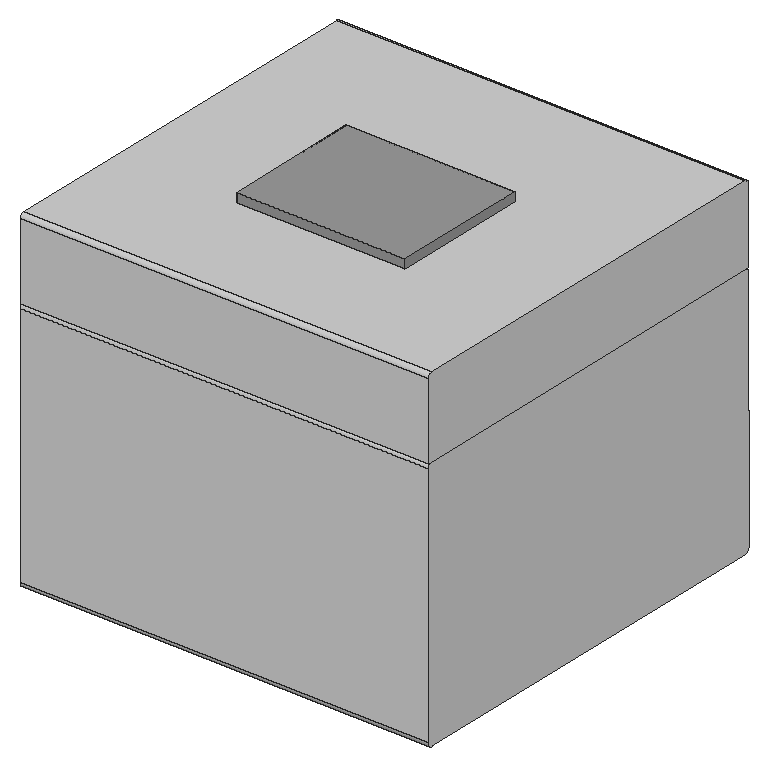
Revit family "Domotics-DomesticRanges-GEWISS-CHORUS_DATA-SOCKET-OUTLET_COVER_2M", category Apparecchi elettrici, host Superficie, Revit 2016
Family settings
  Host = Superficie
  Mantenere orientamento annotazione = Sì
  Tipo di parte = Normale
  Quota connettore circolare = Usa diametro
  Numero OmniClass = 23.80.50.14
  Titolo OmniClass = Plug Connectors
  Taglio con vuoti quando caricato = Sì
  Condiviso = Sì
  Punto di calcolo locali = Sì
Parameters (values of type "GW14433 - UNWIRED ENCLOS.RJ45 2M.CONNEC TITANIUM")
  Vista di pianta [instance] = yes
  Version file RFA = "19.0"
  URL = "https://www.gewiss.com/ww/en"
  Tipo = SYSTEM PRESE RJ45_BASE : RJ45 Titanio
  Technical sheet = "https://www.gewiss.com/ww/en/search?q=GW14433"
  Simbolo = SIMBOLO PRESE TELEFONO : PRESA TEL
  SIMBOLO [instance] = yes
  SEO = "Container"
  Realized by GEWISS S.p.A. = ""
  Produttore = "GEWISS S.p.A."
  No. Chorus modules: = "2"
  Modello = "GW14433"
  Larghezza presa = 46 mm
  IFC.TypeObject = ""
  IFC.ExportType = ""
  IFC.ExportAs = ""
  Offset pulsante [instance] = 0 mm
  Offset bidimensionale [instance] = 2 mm
  Default Elevation = 1219.2 mm
  Immagine tipo = GW14433.jpg
  IDT = "98683686-5171-427a-bec0-d475def51726"
  IDF = "c47c3d4f-2792-405f-abb5-cbfa4f4237f7"
  Electrocod = "3722                "
  EAN code = "8011564823815"
  Distanza_x [instance] = 0 mm
  Distanza effettiva_x [instance] = 1500 mm - Distanza_x  # 1500 mm
  Descrizione = "UNWIRED ENCLOS.RJ45 2M.CONNEC TITANIUM"
  Description. = "Adapter"
  Compatibility: = "AMP / Keystone Jack"
  Colour = "Titanium"
  Category = "Adapter"
  Catalogue Range = "CHORUS - DOMESTIC RANGE"
  Catalogue = "DOMOTICS"
  COBie.Tagnumber = ""
  COBie.CreatedOn = ""
  COBie.CreatebBy = ""
  COBie.ComponentRegisterItemID = ""
  COBie.Component.TagNumber = ""
  COBie.Component.Space = ""
  COBie.Component.SerialNumber = ""
  COBie.Component.InstallationDate = ""
  COBie.Component.Description = ""
  COBie.Component.BarCode = ""
Types (3, lengths in mm): name | Tipo | Technical sheet | Modello | Immagine tipo | IDT | Electrocod | EAN code | Descrizione | Colour
  GW10433 - UNWIRED ENCLOS.RJ45 CONNEC 2M. WHITE | SYSTEM PRESE RJ45_BASE : RJ45 Bianco | "https://www.gewiss.com/ww/en/search?q=GW10433" | "GW10433" | GW10433.jpg | "5a4278ed-84b2-4334-90be-ba3e0a0065e9" | "0131                " | "8011564823792" | "UNWIRED ENCLOS.RJ45 CONNEC 2M. WHITE" | "White"
  GW12433 - UNWIRED ENCLOS.RJ45 2M.CONNEC BLACK | SYSTEM PRESE RJ45_BASE : RJ45 Nero | "https://www.gewiss.com/ww/en/search?q=GW12433" | "GW12433" | GW12433.jpg | "df6f36ad-32b9-40dc-851a-d6cfc5a7c397" | "3722                " | "8011564823808" | "UNWIRED ENCLOS.RJ45 2M.CONNEC BLACK" | "Black"
  GW14433 - UNWIRED ENCLOS.RJ45 2M.CONNEC TITANIUM | SYSTEM PRESE RJ45_BASE : RJ45 Titanio | "https://www.gewiss.com/ww/en/search?q=GW14433" | "GW14433" | GW14433.jpg | "98683686-5171-427a-bec0-d475def51726" | "3722                " | "8011564823815" | "UNWIRED ENCLOS.RJ45 2M.CONNEC TITANIUM" | "Titanium"
Reference planes
  plane 1 "Centro (Fronte/Retro)": y = 0
  plane 2: z = 0
  plane 3 "Centro (Sinistra/Destra)": x = 0
  plane 4: z = 0
  plane 5 "piano bidimensionale": z = 41
  plane 6: x = 0
  plane 7: x = -23
  plane 8: x = 23
  plane 9: z = 39
  plane 10: x = -1500
Lines and regions (mm)
  Masking region 1
    outline origin (0, 0, 0) x (1, 0, 0) y (0, 0, 1)
      loop
        line (-23, 39) -> (-23, 0) -> (23, 0) -> (23, 39) -> (-23, 39)
  model lines, style "pulsanti", not visible, detail levels coarse
    curve 1: line (-22.991, 22.656, 39) -> (23.009, 22.656, 39)
    curve 2: line (-22.991, -22.344, 39) -> (-22.991, 22.656, 39)
    curve 3: line (23.009, -22.344, 39) -> (-22.991, -22.344, 39)
    curve 4: line (23.009, 22.656, 39) -> (23.009, -22.344, 39)
    curve 5: line (9.509, 6.61, 39) -> (-9.491, 6.61, 39)
    curve 6: line (-9.491, 6.61, 39) -> (-9.491, -8.803, 39)
    curve 7: line (-9.491, -8.803, 39) -> (9.509, -8.803, 39)
    curve 8: line (9.509, -8.803, 39) -> (9.509, 6.61, 39)
  model lines, style "pulsanti", detail levels coarse
    curve 9: line (-22.991, 22.656, 41) -> (23.009, 22.656, 41)
    curve 10: line (-22.991, -22.344, 41) -> (-22.991, 22.656, 41)
    curve 11: line (23.009, -22.344, 41) -> (-22.991, -22.344, 41)
    curve 12: line (23.009, 22.656, 41) -> (23.009, -22.344, 41)
    curve 13: line (9.509, 6.61, 41) -> (-9.491, 6.61, 41)
    curve 14: line (-9.491, 6.61, 41) -> (-9.491, -8.803, 41)
    curve 15: line (-9.491, -8.803, 41) -> (9.509, -8.803, 41)
    curve 16: line (9.509, -8.803, 41) -> (9.509, 6.61, 41)
Dimensions and locks
  "Offset pulsante": plane 4 to host face
  "Distanza_x": plane 6 to plane 3 "Centro (Sinistra/Destra)"
  equal spacing: plane 7, plane 3 "Centro (Sinistra/Destra)", plane 8
  "Larghezza presa": plane 7 to plane 8
  locked: plane 9 to plane 4 at 39
  "Offset bidimensionale": plane 5 "piano bidimensionale" to plane 9
  "Distanza effettiva_x": plane 10 to plane 6
  plane 10 to plane 3 "Centro (Sinistra/Destra)" = 1500 mm
  aligned and locked: plane 2 to host face
  aligned and locked: level to host face
  aligned and locked: plane 6 to nested 2
  aligned and locked: Masking region 1 sketch curve to plane 7
  aligned and locked: Masking region 1 sketch curve to plane 9
  aligned and locked: Masking region 1 sketch curve to plane 8
  aligned and locked: Masking region 1 sketch curve to plane 4
  aligned and locked: plane 5 "piano bidimensionale" to curve 12
Automatic sketch dimensions
  host sketch curve to host sketch curve = 2438.4 mm  (x2)
  curve 7 to curve 3 = 13.541 mm
  curve 2 to curve 6 = 13.5 mm
  curve 7 to curve 3 = 13.5 mm
  curve 1 to curve 6 = 16.047 mm
  curve 5 to curve 8 = 15.412 mm
  curve 5 to curve 5 = 19 mm
  curve 15 to curve 11 = 13.541 mm
  curve 10 to curve 14 = 13.5 mm
  curve 15 to curve 11 = 13.5 mm
  curve 9 to curve 14 = 16.047 mm
  curve 13 to curve 16 = 15.412 mm
  curve 13 to curve 13 = 19 mm
Nested families
  nested 1: "SYSTEM PRESE RJ45_BASE" at (0, 0.178, 0), type <- "Tipo", type "RJ45 Titanio"
  nested 2: "SIMBOLO PRESE TELEFONO" at (0, 43.041, 0), SIMBOLO <- "SIMBOLO", type <- "Simbolo", type "PRESA TEL"
    with TESTO ELETTRICO "RJ45", SIMBOLO yes, Distanza dal muro 0.1 mm, BORDO ACCESO yes
Connectors
  electrical at (0, 0.178, 0)
    settings: on nested 1, index 1, voltage 0 V, apparent load 0 VA, apparent load phase1 0 VA, apparent load phase2 0 VA, apparent load phase3 0 VA, power factor 1, load classification "Other", number of poles 1, system type 31, power factor state 1, is connector primary yes, connector utility no, sub classification motor no, connector description ""
Definition of nested family "SYSTEM PRESE RJ45_BASE"
  Parameters (values of type "RJ45 Titanio")
    Elemento superiore = none
    Elemento acciaio = none
    Supporto = none
    Struttura = none
    Pulsante = none
    Profondità suporto = 15.673 mm
    Larghezza pulsante = 23 mm  # constant formula
    Bidimensionale = 36.414 mm
    Altezza pulsante = 45 mm
  Types (7): name
    RJ45 Nero
    RJ45 Titanio
    RJ45 Bianco
    GW20686 - Bianco - 6 FTP
    GW20685 - Bianco - 6 UTP
    GW20271 - Bianco - 5E UTP
    GW20243 - Bianco - 5E FTP
  Reference planes
    plane 1 "Centro (Fronte/Retro)": y = 0
    plane 2: z = 0
    plane 3 "Centro (Sinistra/Destra)": x = 0
    plane 4: y = -22.5
    plane 5: y = 22.5
    plane 6: x = -11.5
    plane 7: x = 11.5
    plane 8 "PIANO BIDIMENSIONALE": z = 36.414
    plane 9: x = -9.5
    plane 10: x = 9.5
    plane 11: z = 38.727
  Forms (mm)
    Extrusion 1, solid, material <- "Struttura", detail levels medium+fine
      sketch origin (0, 0, 0) x (0, 1, 0) y (0, 0, 1)
        loop
          line (22.5, 0.5) -> (22.5, 28.227)
          arc (22.5, 28.227) -> (22.354, 28.581) -> (22, 28.727) r 0.5
          line (22, 28.727) -> (-22, 28.727)
          arc (-22, 28.727) -> (-22.354, 28.581) -> (-22.5, 28.227) r 0.5
          line (-22.5, 28.227) -> (-22.5, 0.5)
          arc (-22.5, 0.5) -> (-22.354, 0.146) -> (-22, 0) r 0.5
          line (-22, 0) -> (22, 0)
          arc (22, 0) -> (22.354, 0.146) -> (22.5, 0.5) r 0.5
      from -23 to 23
    Extrusion 2, solid, material <- "Pulsante", detail levels medium+fine
      sketch origin (0, 0, 0.006) x (0, 1, 0) y (0, 0, 1)
        loop
          line (-22.5, 37.221) -> (-22.5, 28.721) -> (22.5, 28.721) -> (22.5, 37.221)
          arc (22.5, 37.221) -> (22.354, 37.575) -> (22, 37.721) r 0.5
          arc (22, 37.721) -> (0, 38.721) -> (-22, 37.721) r 242.438
          arc (-22, 37.721) -> (-22.354, 37.575) -> (-22.5, 37.221) r 0.5
      from -23 to 23
    Extrusion 3, void
      sketch origin (0, 0, 36.414) x (-1, 0, 0) y (0, -1, 0)
        loop
          line (9.5, -6.453) -> (9.5, 8.959) -> (-9.5, 8.959) -> (-9.5, -6.453) -> (9.5, -6.453)
      from 0 to 2.826
    Extrusion 4, solid, material <- "Elemento acciaio", detail levels medium+fine
      sketch origin (0, 0, 36.414) x (-1, 0, 0) y (0, -1, 0)
        loop
          line (9.5, -6.453) -> (9.5, 8.959) -> (-9.5, 8.959) -> (-9.5, -6.453) -> (9.5, -6.453)
      from 0 to 2.314
  Cuts and joins
    Extrusion 3 cuts Extrusion 2
  Lines and regions (mm)
    Masking region 1
      outline origin (0, 0, 36.414) x (-1, 0, 0) y (0, -1, 0)
        loop
          line (23, -22.5) -> (23, 22.5) -> (-23, 22.5) -> (-23, -22.5) -> (23, -22.5)
        loop
          line (9.5, -6.453) -> (9.5, 8.959) -> (-9.5, 8.959) -> (-9.5, -6.453) -> (9.5, -6.453)
    Masking region 2
      outline origin (0, 0, 36.414) x (-1, 0, 0) y (0, -1, 0)
        loop
          line (9.5, 8.959) -> (-9.5, 8.959) -> (-9.5, -6.453) -> (9.5, -6.453) -> (9.5, 8.959)
  Dimensions and locks
    equal spacing: plane 4, plane 1 "Centro (Fronte/Retro)", plane 5
    plane 4 to plane 5 = 45 mm
    equal spacing: plane 6, plane 3 "Centro (Sinistra/Destra)", plane 7
    "Larghezza pulsante": plane 6 to plane 7
    equal spacing: plane 5, plane 1 "Centro (Fronte/Retro)", plane 4
    "Altezza pulsante": plane 5 to plane 4
    "Bidimensionale": plane 8 "PIANO BIDIMENSIONALE" to level
    equal spacing: plane 9, plane 3 "Centro (Sinistra/Destra)", plane 10
    plane 6 to plane 9 = 2 mm
    plane 10 to plane 7 = 2 mm
    plane 1 "Centro (Fronte/Retro)" to Extrusion 4 = 6.453 mm
    aligned and locked: level to plane 2
    aligned and locked: Extrusion 4 to plane 11
    aligned and locked: Extrusion 4 to plane 8 "PIANO BIDIMENSIONALE"
    aligned and locked: Masking region 1 sketch curve to Extrusion 1  (x4)
  Automatic sketch dimensions
    Extrusion 3 sketch curve to plane 10 = 0 mm
    plane 9 to Extrusion 3 sketch curve = 0 mm
    plane 1 "Centro (Fronte/Retro)" to Extrusion 3 sketch curve = 8.959 mm
    Extrusion 4 sketch curve to plane 10 = 0 mm
    Extrusion 4 sketch curve to plane 9 = 0 mm
    Extrusion 4 sketch curve to plane 1 "Centro (Fronte/Retro)" = 6.453 mm
    Extrusion 3 sketch curve to plane 1 "Centro (Fronte/Retro)" = 6.453 mm
    Masking region 1 sketch curve to plane 10 = 0 mm
    Masking region 1 sketch curve to plane 9 = 0 mm
    Masking region 1 sketch curve to plane 1 "Centro (Fronte/Retro)" = 6.453 mm
    plane 1 "Centro (Fronte/Retro)" to Masking region 1 sketch curve = 8.959 mm
    Masking region 2 sketch curve to plane 10 = 0 mm
    Masking region 2 sketch curve to plane 9 = 0 mm
    Masking region 2 sketch curve to plane 1 "Centro (Fronte/Retro)" = 6.453 mm
    plane 1 "Centro (Fronte/Retro)" to Masking region 2 sketch curve = 8.959 mm
    Extrusion 2 sketch curve to plane 4 = 0 mm
    Extrusion 2 sketch curve to plane 1 "Centro (Fronte/Retro)" = 0 mm
    Extrusion 2 sketch curve to plane 5 = 0 mm
    Extrusion 2 sketch curve to Extrusion 2 sketch curve = 0.5 mm  (x2)
    Extrusion 2 sketch curve to level = 203.711 mm
    Extrusion 2 sketch curve to plane 8 "PIANO BIDIMENSIONALE" = 7.687 mm
    plane 8 "PIANO BIDIMENSIONALE" to Extrusion 2 sketch curve = 0.813 mm
    Extrusion 1 sketch curve to plane 4 = 0 mm
    Extrusion 1 sketch curve to level = 0 mm
    Extrusion 1 sketch curve to plane 5 = 0 mm
    level to Extrusion 1 sketch curve = 0.5 mm
    plane 4 to Extrusion 1 sketch curve = 0.5 mm
    Extrusion 1 sketch curve to Extrusion 1 sketch curve = 0.5 mm  (x2)
    Extrusion 1 sketch curve to plane 8 "PIANO BIDIMENSIONALE" = 8.187 mm
    plane 1 "Centro (Fronte/Retro)" to Extrusion 4 sketch curve = 8.959 mm
Definition of nested family "SIMBOLO PRESE TELEFONO"
  Parameters (values of type "PRESA TEL")
    TESTO ELETTRICO [instance] = "TXT"
    Simbolo = SIMBOLO PRESE TELEFONO_BASE : PRESA
    SIMBOLO [instance] = yes
    Distanza dal muro [instance] = 0.05 mm
    BORDO ACCESO [instance] = yes
  Reference planes
    plane 1: y = 0
    plane 2: x = 0
  Dimensions and locks
    "Distanza dal muro": plane 1 to nested 1
    aligned and locked: plane 2 to nested 1
  Nested families
    nested 1: "SIMBOLO PRESE TELEFONO_BASE" at (0, 0.05, 0), BORDO ACCESO <- "BORDO ACCESO", type <- "Simbolo", visible <- "SIMBOLO", type "PRESA"
      with TESTO ELETTRICO "RJ45", BORDO ACCESO yes
  Definition of nested family "SIMBOLO PRESE TELEFONO_BASE"
    Parameters (values of type "PRESA")
      TESTO ELETTRICO [instance] = "TXT"
      Distanza dal muro = 4.208 mm
      BORDO ACCESO [instance] = yes
    Reference planes
      plane 1: y = 0
      plane 2: x = 0
    Lines and regions (mm)
      detail lines, visible <- "BORDO ACCESO", not visible
        curve 1: line (-1.743, 9.208, 0) -> (2.057, 9.208, 0)
        curve 2: line (2.057, 9.208, 0) -> (2.057, 4.208, 0)
        curve 3: line (2.057, 4.208, 0) -> (-1.743, 4.208, 0)
        curve 4: line (-1.743, 4.208, 0) -> (-1.743, 9.208, 0)
        curve 5: line (-1.543, 9.008, 0) -> (1.857, 9.008, 0)
        curve 6: line (1.857, 9.008, 0) -> (1.857, 4.408, 0)
        curve 7: line (1.857, 4.408, 0) -> (-1.543, 4.408, 0)
        curve 8: line (-1.543, 4.408, 0) -> (-1.543, 9.008, 0)
      detail lines
        curve 9: line (0.851, 1.172, 0) -> (-0.851, 1.172, 0)
        curve 10: line (0, 1.172, 0) -> (0, 0.32, 0)
        curve 11: line (-0.851, 2.023, 0) -> (-0.851, 1.172, 0)
        curve 12: line (0.851, 2.023, 0) -> (0.851, 1.172, 0)
